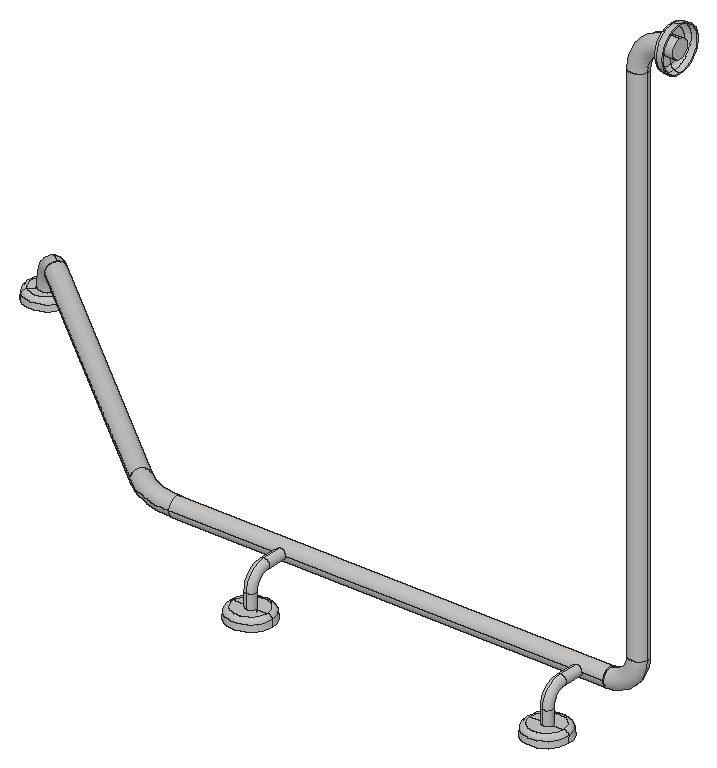
Revit family "8471977440 Virtu Comfort Grab Rail Continuous 1110x940x700mm RH", category Plumbing Fixtures, host Face, Revit 2015
Parameters (values of type "Virtu Comfort Grab Rail Continuous 1110x940x700mm RH")
  Waste Connection = no
  Vent Connection = no
  URL = "https://www.caroma.com.au/"
  Rail_Height = 73 mm
  Model = "8471977440"
  Material_Base = GWA_Metal-Stainless
  Manufacturer = "GWA Bathrooms & Kitchens"  # constant formula
  HW Connection = no
  Description = "Virtu Comfort Grab Rail Continuous 1110x940x700mm RH"
  Default Elevation = 0 mm
  CreatedBy_ANZRS = "GWA Bathrooms & Kitchens"  # constant formula
  CW Connection = no
  Assembly Code = "C1030200"
Reference planes
  plane 1 "Center (Front/Back)": y = 0
  plane 2: z = 0
  plane 3 "Center (Left/Right)": x = 0
  plane 4 "Left": x = 0
  plane 5 "Rail_Centre": z = 73
  plane 6 "Top": through (-644.056, 321.45, 1219.2) normal (-0.766, 0.6428, 0)
  plane 7: x = 245
  plane 8: x = 940
  plane 9: z = 1110
  plane 10: x = 769
Forms (mm)
  Revolve 1, solid, material "GWA_Metal-Stainless" <- "Material_Base"
    sketch origin (-536.231, 449.951, 0) x (0.642788, 0.766044, 0) y (0, 0, 1)
      loop
        line (17, 16.9) -> (29.753, 16.9)
        arc (29.753, 16.9) -> (34.704, 15) -> (37.112, 10.275) r 7.4
        line (37.112, 10.275) -> (38.194, 0) -> (39.3, 0) -> (38.206, 10.39)
        arc (38.206, 10.39) -> (35.44, 15.817) -> (29.753, 18) r 8.5
        line (29.753, 18) -> (17, 18) -> (17, 16.9)
      axis (0, 18) -> (0, 0)
    angle from 0 to 360
  Sweep 2, solid, material "GWA_Metal-Stainless" <- "Material_Base"
    path origin (612.836, -514.23, 0) x (0.766044, -0.642788, 0) y (0, 0, 1)
      loop
        line (-1500, 0) -> (-1500, 17)
        arc (-1500, 17) -> (-1483.598, 56.598) -> (-1444, 73) r 56
    profile origin (-536.231, 449.951, 8.5) x (-0.766044, 0.642788, 0) y (-0.642788, -0.766044, 0)
      loop
        circle (0, 0) r 16
  Revolve 3, solid, material "GWA_Metal-Stainless" <- "Material_Base"
    sketch origin (300, -80, 0) x (1, 0, 0) y (0, 0, 1)
      loop
        line (-55, 16.9) -> (-55, 18) -> (-84.753, 18)
        arc (-84.753, 18) -> (-90.44, 15.817) -> (-93.206, 10.39) r 8.5
        line (-93.206, 10.39) -> (-94.3, 0) -> (-93.194, 0) -> (-92.112, 10.275)
        arc (-92.112, 10.275) -> (-89.704, 15) -> (-84.753, 16.9) r 7.4
        line (-84.753, 16.9) -> (-55, 16.9)
      axis (-55, 18) -> (-55, 0)
    angle from 0 to 360
  Sweep 4, solid, material "GWA_Metal-Stainless" <- "Material_Base"
    path origin (245, 0, 0) x (0, 1, 0) y (0, 0, 1)
      loop
        line (-80, 0) -> (-80, 43)
        arc (-80, 43) -> (-71.213, 64.213) -> (-50, 73) r 30
        line (-50, 73) -> (0, 73)
    profile origin (245, -80, 21.5) x (0, -1, 0) y (1, 0, 0)
      loop
        circle (0, 0) r 9
  Revolve 5, solid, material "GWA_Metal-Stainless" <- "Material_Base"
    sketch origin (940, 0, 1050) x (0, 0, -1) y (1, 0, 0)
      loop
        line (-43, -16.9) -> (-43, -18) -> (-30.247, -18)
        arc (-30.247, -18) -> (-24.56, -15.817) -> (-21.794, -10.39) r 8.5
        line (-21.794, -10.39) -> (-20.7, 0) -> (-21.806, 0) -> (-22.888, -10.275)
        arc (-22.888, -10.275) -> (-25.296, -15) -> (-30.247, -16.9) r 7.4
        line (-30.247, -16.9) -> (-43, -16.9)
      axis (-60, -18) -> (-60, 0)
    angle from 0 to 360
  Sweep 6, solid, material "GWA_Metal-Stainless" <- "Material_Base"
    path origin (940, 0, 170) x (0, 0, -1) y (1, 0, 0)
      loop
        line (-940, 0) -> (-940, -17)
        arc (-940, -17) -> (-923.598, -56.598) -> (-884, -73) r 56
    profile origin (931.5, 0, 1110) x (0, 0, -1) y (0, -1, 0)
      loop
        circle (0, 0) r 16
  Sweep 7, solid, material "GWA_Metal-Stainless" <- "Material_Base"
    path origin (0, 0, 73) x (-1, 0, 0) y (0, -1, 0)
      loop
        line (-817, 0) -> (-49.864, 0)
        arc (-49.864, 0) -> (-3.007, -8.262) -> (38.198, -32.052) r 137
        line (38.198, -32.052) -> (493.333, -413.955)
    profile origin (-265.765, 223.004, 73) x (-0.642788, -0.766044, 0) y (0, 0, 1)
      loop
        circle (0, 0) r 16
  Sweep 8, solid, material "GWA_Metal-Stainless" <- "Material_Base"
    path origin (-73, 0, 0) x (1, 0, 0) y (0, 0, 1)
      loop
        arc (890, 73) -> (925.355, 87.645) -> (940, 123) r 50
    profile origin (852.355, 0, 87.645) x (-0.707107, 0, 0.707107) y (0, -1, 0)
      loop
        circle (0, 0) r 16
  Extrusion 9, solid, material "GWA_Metal-Stainless" <- "Material_Base"
    sketch origin (-73, 0, 0) x (1, 0, 0) y (0, 1, 0)
      loop
        circle (940, 0) r 16
    from 123 to 1054
  Revolve 10, solid, material "GWA_Metal-Stainless" <- "Material_Base"
    sketch origin (755, -80, 0) x (1, 0, 0) y (0, 0, 1)
      loop
        line (14, 16.9) -> (14, 18) -> (-15.753, 18)
        arc (-15.753, 18) -> (-21.44, 15.817) -> (-24.206, 10.39) r 8.5
        line (-24.206, 10.39) -> (-25.3, 0) -> (-24.194, 0) -> (-23.112, 10.275)
        arc (-23.112, 10.275) -> (-20.704, 15) -> (-15.753, 16.9) r 7.4
        line (-15.753, 16.9) -> (14, 16.9)
      axis (14, 18) -> (14, 0)
    angle from 0 to 360
  Sweep 11, solid, material "GWA_Metal-Stainless" <- "Material_Base"
    path origin (769, 0, 0) x (0, 1, 0) y (0, 0, 1)
      loop
        line (-80, 0) -> (-80, 43)
        arc (-80, 43) -> (-71.213, 64.213) -> (-50, 73) r 30
        line (-50, 73) -> (0, 73)
    profile origin (769, -80, 21.5) x (0, -1, 0) y (1, 0, 0)
      loop
        circle (0, 0) r 9
Lines and regions (mm)
  Masking region 1
    outline origin (0, 0, 0) x (0, 1, 0) y (0, 0, 1)
      loop
        line (16, 89) -> (16, 1074.104)
        arc (16, 1074.104) -> (0, 1149.3) -> (-16, 1074.104) r 39.3
        line (-16, 1074.104) -> (-16, 82) -> (-50, 82)
        arc (-50, 82) -> (-77.577, 70.577) -> (-89, 43) r 39
        line (-89, 43) -> (-89, 18) -> (-109.755, 18)
        arc (-109.755, 18) -> (-115.442, 15.817) -> (-118.208, 10.388) r 8.5
        line (-118.208, 10.388) -> (-119.3, 0) -> (-40.7, 0) -> (-41.792, 10.388)
        arc (-41.792, 10.388) -> (-44.558, 15.817) -> (-50.245, 18) r 8.5
        line (-50.245, 18) -> (-71, 18) -> (-71, 43)
        arc (-71, 43) -> (-64.849, 57.849) -> (-50, 64) r 21
        line (-50, 64) -> (-13.229, 64)
        arc (-13.229, 64) -> (-7.483, 58.858) -> (0, 57) r 16
        line (0, 57) -> (413.955, 57)
        arc (413.955, 57) -> (416.689, 56.461) -> (419.18, 55.212) r 10.348
        arc (419.18, 55.212) -> (422.237, 52.684) -> (424.785, 49.643) r 21.791
        arc (424.785, 49.643) -> (427.708, 44.83) -> (430.029, 39.7) r 46.537
        arc (430.029, 39.7) -> (431.356, 35.765) -> (432.376, 31.74) r 53.629
        arc (432.376, 31.74) -> (433.169, 27.367) -> (433.701, 22.956) r 74.565
        arc (433.701, 22.956) -> (433.872, 20.48) -> (433.94, 18) r 59.171
        line (433.94, 18) -> (420.197, 18)
        arc (420.197, 18) -> (414.509, 15.817) -> (411.743, 10.388) r 8.5
        line (411.743, 10.388) -> (410.651, 0) -> (489.251, 0) -> (488.159, 10.388)
        arc (488.159, 10.388) -> (485.394, 15.817) -> (479.706, 18) r 8.5
        line (479.706, 18) -> (465.943, 18)
        arc (465.943, 18) -> (465.446, 27.079) -> (464.152, 36.079) r 103.181
        arc (464.152, 36.079) -> (462.719, 42.395) -> (460.834, 48.592) r 89.675
        arc (460.834, 48.592) -> (457.524, 56.744) -> (453.35, 64.489) r 81.007
        arc (453.35, 64.489) -> (446.806, 73.222) -> (438.741, 80.574) r 57.957
        arc (438.741, 80.574) -> (427.022, 86.77) -> (413.955, 89) r 41.961
        line (413.955, 89) -> (16, 89)
  Masking region 2
    outline origin (0, 0, 73) x (-1, 0, 0) y (0, -1, 0)
      loop
        arc (498.449, -439.135) -> (566.337, -475.213) -> (519.018, -414.621) r 39.3
        line (519.018, -414.621) -> (48.483, -19.795)
        arc (48.483, -19.795) -> (2.465, 6.773) -> (-49.864, 16) r 153
        line (-49.864, 16) -> (-236, 16) -> (-236, 41.744)
        arc (-236, 41.744) -> (-245, 119.3) -> (-254, 41.744) r 39.3
        line (-254, 41.744) -> (-254, 16) -> (-760, 16) -> (-760, 41.744)
        arc (-760, 41.744) -> (-769, 119.3) -> (-778, 41.744) r 39.3
        line (-778, 41.744) -> (-778, 16) -> (-922, 16) -> (-922, 29.755)
        arc (-922, 29.755) -> (-924.183, 35.442) -> (-929.612, 38.208) r 8.5
        line (-929.612, 38.208) -> (-940, 39.3) -> (-940, -39.3) -> (-929.612, -38.208)
        arc (-929.612, -38.208) -> (-924.183, -35.442) -> (-922, -29.755) r 8.5
        line (-922, -29.755) -> (-922, -16) -> (-49.864, -16)
        arc (-49.864, -16) -> (-8.479, -23.297) -> (27.913, -44.309) r 121
        line (27.913, -44.309) -> (498.449, -439.135)
  Masking region 3
    outline origin (0, 0, 0) x (1, 0, 0) y (0, 0, -1)
      loop
        arc (-493.333, -57) -> (-497.931, -56.365) -> (-502.23, -54.616) r 18.669
        arc (-502.23, -54.616) -> (-506.43, -51.714) -> (-510.017, -48.082) r 27.332
        arc (-510.017, -48.082) -> (-513.189, -43.626) -> (-515.736, -38.787) r 40.818
        arc (-515.736, -38.787) -> (-517.771, -33.399) -> (-519.189, -27.817) r 51.21
        arc (-519.189, -27.817) -> (-519.922, -22.931) -> (-520.231, -18) r 57.078
        line (-520.231, -18) -> (-506.476, -18)
        arc (-506.476, -18) -> (-500.789, -15.817) -> (-498.023, -10.388) r 8.5
        line (-498.023, -10.388) -> (-496.931, 0) -> (-575.531, 0) -> (-574.439, -10.388)
        arc (-574.439, -10.388) -> (-571.673, -15.817) -> (-565.986, -18) r 8.5
        line (-565.986, -18) -> (-552.231, -18)
        arc (-552.231, -18) -> (-552.025, -22.951) -> (-551.562, -27.885) r 95.84
        arc (-551.562, -27.885) -> (-550.202, -35.897) -> (-548.066, -43.737) r 83.133
        arc (-548.066, -43.737) -> (-544.671, -52.414) -> (-540.291, -60.638) r 80.139
        arc (-540.291, -60.638) -> (-533.327, -70.023) -> (-524.78, -77.995) r 64.381
        arc (-524.78, -77.995) -> (-517.271, -82.87) -> (-509.054, -86.422) r 53.411
        arc (-509.054, -86.422) -> (-501.401, -88.33) -> (-493.542, -89) r 49.532
        line (-493.542, -89) -> (817, -89)
        arc (817, -89) -> (841.042, -98.958) -> (851, -123) r 34
        line (851, -123) -> (851, -1054)
        arc (851, -1054) -> (871.736, -1104.557) -> (922, -1125.993) r 72
        line (922, -1125.993) -> (922, -1139.755)
        arc (922, -1139.755) -> (924.183, -1145.442) -> (929.612, -1148.208) r 8.5
        line (929.612, -1148.208) -> (940, -1149.3) -> (940, -1070.7) -> (929.612, -1071.792)
        arc (929.612, -1071.792) -> (924.183, -1074.558) -> (922, -1080.245) r 8.5
        line (922, -1080.245) -> (922, -1093.987)
        arc (922, -1093.987) -> (894.364, -1081.928) -> (883, -1054) r 40
        line (883, -1054) -> (883, -123)
        arc (883, -123) -> (863.669, -76.331) -> (817, -57) r 66
        line (817, -57) -> (778, -57) -> (778, -18) -> (798.755, -18)
        arc (798.755, -18) -> (804.442, -15.817) -> (807.208, -10.388) r 8.5
        line (807.208, -10.388) -> (808.3, 0) -> (729.7, 0) -> (730.792, -10.388)
        arc (730.792, -10.388) -> (733.558, -15.817) -> (739.245, -18) r 8.5
        line (739.245, -18) -> (760, -18) -> (760, -57) -> (254, -57) -> (254, -18) -> (274.755, -18)
        arc (274.755, -18) -> (280.442, -15.817) -> (283.208, -10.388) r 8.5
        line (283.208, -10.388) -> (284.3, 0) -> (205.7, 0) -> (206.792, -10.388)
        arc (206.792, -10.388) -> (209.558, -15.817) -> (215.245, -18) r 8.5
        line (215.245, -18) -> (236, -18) -> (236, -57) -> (-493.333, -57)
  symbolic lines
    curve 1: arc (-549.254, 460.879, 40) -> (-534.759, 466.887, 40) -> (-521.518, 458.467, 40) r 17
    curve 2: arc (-542.063, 433.983, 40) -> (-552.654, 445.56, 40) -> (-549.254, 460.879, 40) r 17
    curve 3: arc (-546.516, 437.695, 40) -> (-548.488, 460.236, 40) -> (-525.947, 462.208, 40) r 16
    curve 4: arc (-521.518, 458.467, 40) -> (-549.254, 460.879, 40) -> (-542.063, 433.983, 40) r 17
    curve 5: line (-525.947, 462.208, 40) -> (-498.449, 439.135, 40)
    curve 6: line (-546.516, 437.695, 40) -> (-519.018, 414.621, 40)
    curve 7: line (-546.516, 437.695, 73) -> (-519.018, 414.621, 73)
    curve 8: line (-525.947, 462.208, 73) -> (-498.449, 439.135, 73)
    curve 9: line (0, -71, 18) -> (0, -89, 18)
    curve 10: line (0, 35.896, 89) -> (0, 0, 89)
    curve 11: arc (0, 0, 89) -> (0, -16, 73) -> (0, 0, 57) r 16
    curve 12: line (0, 0, 57) -> (0, 35.896, 57)
    curve 13: line (0, -38.256, 82) -> (0, -13.229, 82)
    curve 14: line (0, -38.256, 64) -> (0, -13.229, 64)
    curve 15: line (236, -41.744, 73) -> (236, -80, 73)
    curve 16: arc (236, -80, 73) -> (245, -89, 73) -> (254, -80, 73) r 9
    curve 17: line (254, -80, 73) -> (254, -41.744, 73)
    curve 18: line (236, -16, 73) -> (254, -16, 73)
    curve 19: line (831.104, 16, 73) -> (867, 16, 73)
    curve 20: line (831.104, -16, 73) -> (867, -16, 73)
    curve 21: line (228.987, 0, 18) -> (260.993, 0, 18)
    curve 22: line (254, 0, 57) -> (236, 0, 57)
    curve 23: line (-520.231, 0, 18) -> (-552.231, 0, 18)
    curve 24: line (0, 465.943, 18) -> (0, 433.94, 18)
    curve 25: line (760, -41.744, 73) -> (760, -80, 73)
    curve 26: arc (760, -80, 73) -> (769, -89, 73) -> (778, -80, 73) r 9
    curve 27: line (778, -80, 73) -> (778, -41.744, 73)
    curve 28: line (760, -16, 73) -> (778, -16, 73)
    curve 29: arc (867, -16, 0) -> (851, 0, 0) -> (867, 16, 0) r 16
    curve 30: line (922, 16, 0) -> (922, -16, 0)
    curve 31: arc (0, 16, 1104.255) -> (0, 0, 1127) -> (0, -16, 1104.255) r 17
    curve 32: arc (0, 16, 1110) -> (0, 0, 1126) -> (0, -16, 1110) r 16
    curve 33: line (0, -16, 1110) -> (0, -16, 1074.104)
    curve 34: line (0, 16, 1110) -> (0, 16, 1074.104)
    curve 35: line (922, 0, 1125.993) -> (922, 0, 1093.987)
    curve 36: line (778, 0, 18) -> (760, 0, 18)
    curve 37: line (778, 0, 57) -> (760, 0, 57)
Dimensions and locks
  "Rail_Height": plane 5 "Rail_Centre" to host face
  aligned and locked: plane 2 to host face
  aligned and locked: level to host face
Automatic sketch dimensions
  host sketch curve to host sketch curve = 2438.4 mm  (x2)
  curve 1 to curve 2 = 0 mm  (x2)
  curve 1 to curve 3 = 0 mm  (x2)
  curve 1 to curve 4 = 0 mm
  curve 5 to plane 6 "Top" = 0 mm
  curve 3 to plane 6 "Top" = 0 mm
  curve 6 to plane 6 "Top" = 0 mm
  curve 5 to plane 1 "Center (Front/Back)" = 462.208 mm
  curve 5 to curve 3 = 10.285 mm
  curve 5 to curve 5 = 27.498 mm
  curve 5 to curve 6 = 20.569 mm
  curve 4 to curve 5 = 4.429 mm
  curve 2 to curve 6 = 4.453 mm
  curve 1 to curve 1 = 13.023 mm
  curve 1 to curve 1 = 10.927 mm
  curve 4 to curve 5 = 19.332 mm
  curve 2 to curve 6 = 19.361 mm
  Revolve 1 sketch curve to Revolve 1 sketch curve = 0 mm  (x2)
  Revolve 1 sketch curve to level = 0 mm
  level to Revolve 1 sketch curve = 18 mm
  Revolve 1 sketch curve to Revolve 1 sketch curve = 12.753 mm
  level to Revolve 1 sketch curve = 10.275 mm
  Revolve 1 sketch curve to Revolve 1 sketch curve = 7.359 mm
  Revolve 1 sketch curve to Revolve 1 sketch curve = 1.082 mm
  level to Revolve 1 sketch curve = 10.39 mm
  Revolve 1 sketch curve to Revolve 1 sketch curve = 1.094 mm
  Revolve 1 sketch curve to Revolve 1 sketch curve = 1.106 mm
  level to Revolve 1 sketch curve = 7.862 mm
  Revolve 1 sketch curve to Revolve 1 sketch curve = 17 mm
  Revolve 1 sketch curve to Revolve 1 sketch curve = 12.173 mm
  Sweep 2 sketch curve to plane 6 "Top" = 0 mm
  Sweep 2 sketch curve to plane 5 "Rail_Centre" = 0 mm
  Sweep 2 sketch curve to level = 0 mm
  level to Sweep 2 sketch curve = 17 mm
  profile plane to Sweep 2 sketch curve = 0 mm  (x2)
  curve 26 to plane 10 = 0 mm
  curve 16 to plane 7 = 0 mm
  curve 8 to plane 6 "Top" = 0 mm
  curve 7 to plane 6 "Top" = 0 mm
  plane 10 to curve 27 = 9 mm
  plane 7 to curve 17 = 9 mm
  plane 1 "Center (Front/Back)" to curve 17 = 80 mm
  plane 1 "Center (Front/Back)" to curve 26 = 80 mm
  plane 10 to curve 28 = 9 mm
  curve 19 to plane 1 "Center (Front/Back)" = 16 mm
  curve 19 to plane 8 = 108.896 mm
  plane 1 "Center (Front/Back)" to curve 20 = 16 mm
  curve 20 to curve 19 = 0 mm
  curve 20 to curve 20 = 35.896 mm
  curve 19 to curve 20 = 0 mm
  curve 28 to plane 10 = 9 mm
  plane 7 to curve 18 = 9 mm
  curve 18 to plane 7 = 9 mm
  curve 8 to plane 3 "Center (Left/Right)" = 498.449 mm
  curve 8 to curve 7 = 20.569 mm
  curve 8 to plane 1 "Center (Front/Back)" = 462.208 mm
  curve 7 to plane 1 "Center (Front/Back)" = 437.695 mm
  curve 25 to curve 25 = 38.256 mm
  curve 15 to curve 15 = 38.256 mm
  curve 25 to curve 27 = 0 mm
  curve 15 to curve 17 = 0 mm
  plane 1 "Center (Front/Back)" to curve 18 = 16 mm
  plane 1 "Center (Front/Back)" to curve 28 = 16 mm
  curve 7 to curve 7 = 23.073 mm
  curve 8 to curve 7 = 24.513 mm
  Revolve 3 sketch curve to Revolve 3 sketch curve = 0 mm  (x2)
  Revolve 3 sketch curve to level = 0 mm
  Revolve 3 sketch curve to plane 7 = 0 mm  (x2)
  level to Revolve 3 sketch curve = 9.5 mm
  Revolve 3 sketch curve to plane 7 = 29.753 mm
  level to Revolve 3 sketch curve = 10.275 mm
  Revolve 3 sketch curve to Revolve 3 sketch curve = 7.359 mm
  Revolve 3 sketch curve to Revolve 3 sketch curve = 1.082 mm
  level to Revolve 3 sketch curve = 10.39 mm
  Revolve 3 sketch curve to Revolve 3 sketch curve = 1.094 mm
  Revolve 3 sketch curve to Revolve 3 sketch curve = 1.106 mm
  level to Revolve 3 sketch curve = 7.862 mm
  Revolve 3 sketch curve to Revolve 3 sketch curve = 2.036 mm
  Sweep 4 sketch curve to level = 0 mm
  Sweep 4 sketch curve to plane 5 "Rail_Centre" = 0 mm
  Sweep 4 sketch curve to plane 1 "Center (Front/Back)" = 0 mm
  Sweep 4 sketch curve to Sweep 4 sketch curve = 50 mm
  Sweep 4 sketch curve to Sweep 4 sketch curve = 30 mm
  Sweep 4 sketch curve to plane 7 = 0 mm
  Sweep 4 sketch curve to profile plane = 0 mm
  Revolve 5 sketch curve to Revolve 5 sketch curve = 0 mm  (x2)
  Revolve 5 sketch curve to plane 9 = 0 mm
  Revolve 5 sketch curve to plane 8 = 0 mm
  Revolve 5 sketch curve to plane 9 = 17 mm
  Revolve 5 sketch curve to Revolve 5 sketch curve = 12.753 mm
  Revolve 5 sketch curve to plane 8 = 10.275 mm
  Revolve 5 sketch curve to Revolve 5 sketch curve = 7.359 mm
  Revolve 5 sketch curve to Revolve 5 sketch curve = 1.082 mm
  Revolve 5 sketch curve to plane 8 = 10.39 mm
  Revolve 5 sketch curve to Revolve 5 sketch curve = 1.094 mm
  Revolve 5 sketch curve to Revolve 5 sketch curve = 1.106 mm
  Revolve 5 sketch curve to plane 8 = 16.9 mm
  Revolve 5 sketch curve to Revolve 5 sketch curve = 2.036 mm
  Revolve 5 sketch curve to plane 8 = 7.862 mm
  Sweep 6 sketch curve to plane 9 = 0 mm
  Sweep 6 sketch curve to plane 8 = 0 mm
  Sweep 6 sketch curve to plane 8 = 17 mm
  Sweep 6 sketch curve to plane 9 = 56 mm
  Sweep 6 sketch curve to profile plane = 0 mm  (x2)
  plane 5 "Rail_Centre" to Sweep 7 sketch curve = 0 mm
  Sweep 7 sketch curve to profile plane = 0 mm
  plane 1 "Center (Front/Back)" to Sweep 8 sketch curve = 0 mm
  Sweep 8 sketch curve to profile plane = 0 mm
  plane 1 "Center (Front/Back)" to Extrusion 9 sketch curve = 0 mm
  Extrusion 9 sketch curve to plane 8 = 73 mm
  Revolve 10 sketch curve to Revolve 10 sketch curve = 0 mm  (x2)
  Revolve 10 sketch curve to level = 0 mm
  Revolve 10 sketch curve to plane 10 = 0 mm  (x2)
  level to Revolve 10 sketch curve = 9.5 mm
  Revolve 10 sketch curve to plane 10 = 29.753 mm
  level to Revolve 10 sketch curve = 10.275 mm
  Revolve 10 sketch curve to Revolve 10 sketch curve = 7.359 mm
  Revolve 10 sketch curve to Revolve 10 sketch curve = 1.082 mm
  level to Revolve 10 sketch curve = 10.39 mm
  Revolve 10 sketch curve to Revolve 10 sketch curve = 1.094 mm
  Revolve 10 sketch curve to Revolve 10 sketch curve = 1.106 mm
  level to Revolve 10 sketch curve = 7.862 mm
  Revolve 10 sketch curve to Revolve 10 sketch curve = 2.036 mm
  Sweep 11 sketch curve to level = 0 mm
  Sweep 11 sketch curve to plane 5 "Rail_Centre" = 0 mm
  Sweep 11 sketch curve to plane 1 "Center (Front/Back)" = 0 mm
  Sweep 11 sketch curve to Sweep 11 sketch curve = 50 mm
  Sweep 11 sketch curve to plane 5 "Rail_Centre" = 30 mm
  Sweep 11 sketch curve to plane 10 = 0 mm
  Sweep 11 sketch curve to profile plane = 0 mm
  plane 1 "Center (Front/Back)" to Sweep 7 sketch curve = 0 mm
  plane 3 "Center (Left/Right)" to Sweep 7 sketch curve = 49.864 mm
  Sweep 7 sketch curve to plane 1 "Center (Front/Back)" = 32.052 mm
  Sweep 7 sketch curve to plane 3 "Center (Left/Right)" = 38.198 mm
  plane 10 to Sweep 7 sketch curve = 48 mm
  Sweep 7 sketch curve to plane 3 "Center (Left/Right)" = 493.333 mm
  Sweep 7 sketch curve to plane 1 "Center (Front/Back)" = 413.955 mm
  Masking region 2 sketch curve to Masking region 2 sketch curve = 0 mm  (x2)
  Masking region 2 sketch curve to plane 8 = 0 mm
  Masking region 2 sketch curve to plane 10 = 0 mm
  Masking region 2 sketch curve to plane 7 = 0 mm
  Masking region 2 sketch curve to plane 6 "Top" = 0 mm
  Masking region 2 sketch curve to plane 8 = 9.5 mm  (x2)
  Masking region 2 sketch curve to Masking region 2 sketch curve = 0.888 mm  (x2)
  Masking region 2 sketch curve to Masking region 2 sketch curve = 8.5 mm  (x2)
  plane 10 to Masking region 2 sketch curve = 9 mm
  Masking region 2 sketch curve to plane 10 = 9 mm
  plane 7 to Masking region 2 sketch curve = 9 mm
  Masking region 2 sketch curve to plane 7 = 9 mm
  plane 3 "Center (Left/Right)" to Masking region 2 sketch curve = 49.864 mm
  Masking region 2 sketch curve to plane 3 "Center (Left/Right)" = 27.913 mm
  Masking region 2 sketch curve to plane 1 "Center (Front/Back)" = 19.795 mm
  Masking region 2 sketch curve to Masking region 2 sketch curve = 20.569 mm  (x2)
  Masking region 2 sketch curve to plane 3 "Center (Left/Right)" = 498.449 mm
  Masking region 2 sketch curve to Masking region 2 sketch curve = 37.782 mm
  Masking region 2 sketch curve to Masking region 2 sketch curve = 10.816 mm
  Masking region 2 sketch curve to Masking region 2 sketch curve = 24.513 mm
  Masking region 2 sketch curve to plane 1 "Center (Front/Back)" = 39.3 mm
  Masking region 2 sketch curve to Masking region 2 sketch curve = 1.092 mm
  plane 1 "Center (Front/Back)" to Masking region 2 sketch curve = 16 mm  (x2)
  Masking region 2 sketch curve to Masking region 2 sketch curve = 9.545 mm
  Masking region 2 sketch curve to Masking region 2 sketch curve = 25.744 mm  (x2)
  Masking region 2 sketch curve to Masking region 2 sketch curve = 38.256 mm  (x2)
  Masking region 2 sketch curve to Masking region 2 sketch curve = 13.755 mm  (x2)
  plane 1 "Center (Front/Back)" to curve 29 = 0 mm
  curve 29 to plane 8 = 73 mm
  curve 30 to plane 8 = 18 mm
  plane 1 "Center (Front/Back)" to curve 30 = 16 mm
  plane 1 "Center (Front/Back)" to curve 29 = 16 mm
  curve 30 to plane 1 "Center (Front/Back)" = 16 mm
  Masking region 1 sketch curve to Masking region 1 sketch curve = 0 mm  (x9)
  Masking region 1 sketch curve to level = 0 mm  (x2)
  Masking region 1 sketch curve to plane 1 "Center (Front/Back)" = 0 mm  (x2)
  Masking region 1 sketch curve to plane 5 "Rail_Centre" = 0 mm
  Masking region 1 sketch curve to plane 9 = 0 mm
  plane 1 "Center (Front/Back)" to Masking region 1 sketch curve = 13.229 mm
  plane 1 "Center (Front/Back)" to Masking region 1 sketch curve = 40.7 mm
  level to Masking region 1 sketch curve = 10.388 mm  (x4)
  Masking region 1 sketch curve to Masking region 1 sketch curve = 1.092 mm  (x4)
  Masking region 1 sketch curve to Masking region 1 sketch curve = 8.208 mm
  Masking region 1 sketch curve to Masking region 1 sketch curve = 8.453 mm  (x4)
  Masking region 1 sketch curve to Masking region 1 sketch curve = 20.755 mm  (x2)
  Masking region 1 sketch curve to Masking region 1 sketch curve = 18 mm
  Masking region 1 sketch curve to plane 1 "Center (Front/Back)" = 16 mm
  level to Masking region 1 sketch curve = 16.247 mm
  Masking region 1 sketch curve to Masking region 1 sketch curve = 343.438 mm
  Masking region 1 sketch curve to Masking region 1 sketch curve = 3.33 mm
  Masking region 1 sketch curve to Masking region 1 sketch curve = 12.002 mm
  Masking region 1 sketch curve to Masking region 1 sketch curve = 1.268 mm
  Masking region 1 sketch curve to Masking region 1 sketch curve = 3.878 mm
  Masking region 1 sketch curve to Masking region 1 sketch curve = 4.318 mm
  Masking region 1 sketch curve to Masking region 1 sketch curve = 2.309 mm
  Masking region 1 sketch curve to Masking region 1 sketch curve = 17.357 mm
  Masking region 1 sketch curve to Masking region 1 sketch curve = 2.977 mm
  Masking region 1 sketch curve to Masking region 1 sketch curve = 24.107 mm
  Masking region 1 sketch curve to Masking region 1 sketch curve = 6.46 mm
  Masking region 1 sketch curve to Masking region 1 sketch curve = 0.178 mm
  plane 5 "Rail_Centre" to Masking region 1 sketch curve = 16 mm
  Masking region 1 sketch curve to Masking region 1 sketch curve = 0.438 mm  (x2)
  Masking region 1 sketch curve to Masking region 1 sketch curve = 13.743 mm
  Masking region 1 sketch curve to Masking region 1 sketch curve = 32.004 mm
  Masking region 1 sketch curve to Masking region 1 sketch curve = 13.763 mm
  Masking region 1 sketch curve to Masking region 1 sketch curve = 0.888 mm  (x5)
  Masking region 1 sketch curve to Masking region 1 sketch curve = 0.658 mm
  Masking region 1 sketch curve to Masking region 1 sketch curve = 0.727 mm
  Masking region 1 sketch curve to Masking region 1 sketch curve = 1.783 mm
  Masking region 1 sketch curve to Masking region 1 sketch curve = 1.182 mm
  Masking region 1 sketch curve to Masking region 1 sketch curve = 1.638 mm
  Masking region 1 sketch curve to Masking region 1 sketch curve = 11.135 mm
  Masking region 1 sketch curve to Masking region 1 sketch curve = 2.966 mm
  Masking region 1 sketch curve to Masking region 1 sketch curve = 25 mm
  Masking region 1 sketch curve to Masking region 1 sketch curve = 10.329 mm
  Masking region 1 sketch curve to Masking region 1 sketch curve = 0.371 mm
  plane 1 "Center (Front/Back)" to Masking region 1 sketch curve = 16 mm
  Masking region 1 sketch curve to plane 9 = 35.896 mm
  curve 31 to curve 32 = 0 mm  (x2)
  curve 32 to plane 9 = 0 mm
  curve 11 to plane 1 "Center (Front/Back)" = 0 mm
  curve 31 to plane 1 "Center (Front/Back)" = 0 mm
  curve 11 to plane 5 "Rail_Centre" = 0 mm
  curve 33 to curve 31 = 16 mm
  curve 12 to plane 5 "Rail_Centre" = 16 mm
  curve 14 to plane 5 "Rail_Centre" = 9 mm
  plane 5 "Rail_Centre" to curve 13 = 9 mm
  curve 14 to curve 14 = 25.027 mm
  curve 13 to curve 14 = 0 mm
  level to curve 9 = 18 mm
  curve 9 to curve 14 = 32.744 mm
  curve 9 to curve 9 = 18 mm
  curve 11 to curve 10 = 35.896 mm
  curve 12 to curve 10 = 0 mm
  level to curve 24 = 18 mm
  curve 12 to curve 24 = 398.044 mm
  curve 24 to curve 24 = 32.004 mm
  curve 33 to plane 9 = 35.896 mm
  curve 33 to curve 34 = 0 mm
  curve 31 to plane 9 = 5.745 mm
  Masking region 3 sketch curve to Masking region 3 sketch curve = 0 mm  (x13)
  Masking region 3 sketch curve to level = 0 mm  (x3)
  Masking region 3 sketch curve to plane 8 = 0 mm
  Masking region 3 sketch curve to plane 8 = 9.5 mm  (x2)
  Masking region 3 sketch curve to Masking region 3 sketch curve = 0.888 mm  (x2)
  Masking region 3 sketch curve to plane 8 = 17 mm
  Masking region 3 sketch curve to Masking region 3 sketch curve = 8.5 mm  (x2)
  Masking region 3 sketch curve to plane 8 = 57 mm
  Masking region 3 sketch curve to Masking region 3 sketch curve = 32 mm  (x2)
  Masking region 3 sketch curve to Masking region 3 sketch curve = 34 mm
  plane 10 to Masking region 3 sketch curve = 39.3 mm
  level to Masking region 3 sketch curve = 10.388 mm  (x6)
  Masking region 3 sketch curve to Masking region 3 sketch curve = 1.092 mm  (x8)
  Masking region 3 sketch curve to Masking region 3 sketch curve = 8.453 mm  (x6)
  plane 10 to Masking region 3 sketch curve = 9 mm
  Masking region 3 sketch curve to plane 10 = 9 mm
  level to Masking region 3 sketch curve = 9.5 mm
  Masking region 3 sketch curve to Masking region 3 sketch curve = 20.755 mm  (x2)
  plane 7 to Masking region 3 sketch curve = 39.3 mm
  plane 7 to Masking region 3 sketch curve = 9 mm
  Masking region 3 sketch curve to plane 7 = 9 mm
  level to Masking region 3 sketch curve = 16.481 mm
  Masking region 3 sketch curve to plane 3 "Center (Left/Right)" = 456.403 mm
  Masking region 3 sketch curve to Masking region 3 sketch curve = 6.76 mm
  Masking region 3 sketch curve to Masking region 3 sketch curve = 5.76 mm
  Masking region 3 sketch curve to Masking region 3 sketch curve = 0.096 mm
  Masking region 3 sketch curve to Masking region 3 sketch curve = 2.847 mm
  Masking region 3 sketch curve to Masking region 3 sketch curve = 6.556 mm
  Masking region 3 sketch curve to Masking region 3 sketch curve = 6.898 mm
  Masking region 3 sketch curve to Masking region 3 sketch curve = 3.541 mm
  Masking region 3 sketch curve to Masking region 3 sketch curve = 3.183 mm
  Masking region 3 sketch curve to Masking region 3 sketch curve = 1.054 mm
  Masking region 3 sketch curve to Masking region 3 sketch curve = 0.181 mm
  Masking region 3 sketch curve to Masking region 3 sketch curve = 0.053 mm
  plane 5 "Rail_Centre" to Masking region 3 sketch curve = 16 mm
  Masking region 3 sketch curve to Masking region 3 sketch curve = 0.21 mm
  Masking region 3 sketch curve to Masking region 3 sketch curve = 18.508 mm
  Masking region 3 sketch curve to Masking region 3 sketch curve = 13.755 mm  (x2)
  Masking region 3 sketch curve to Masking region 3 sketch curve = 26.245 mm
  Masking region 3 sketch curve to plane 5 "Rail_Centre" = 16 mm  (x2)
  Masking region 3 sketch curve to Masking region 3 sketch curve = 17.532 mm
  Masking region 3 sketch curve to Masking region 3 sketch curve = 1.136 mm
  Masking region 3 sketch curve to Masking region 3 sketch curve = 2.541 mm
  Masking region 3 sketch curve to Masking region 3 sketch curve = 5.015 mm
  Masking region 3 sketch curve to Masking region 3 sketch curve = 3.653 mm
  Masking region 3 sketch curve to Masking region 3 sketch curve = 4.885 mm
  Masking region 3 sketch curve to Masking region 3 sketch curve = 3.317 mm
  Masking region 3 sketch curve to Masking region 3 sketch curve = 0.896 mm
  level to Masking region 3 sketch curve = 18 mm
  Masking region 3 sketch curve to Masking region 3 sketch curve = 7.612 mm  (x3)
  Masking region 3 sketch curve to Masking region 3 sketch curve = 0.032 mm
  Masking region 3 sketch curve to Masking region 3 sketch curve = 1.122 mm
  Masking region 3 sketch curve to Masking region 3 sketch curve = 13.762 mm
  Masking region 3 sketch curve to plane 9 = 56 mm
  level to curve 23 = 18 mm
  curve 23 to plane 3 "Center (Left/Right)" = 552.231 mm
  curve 23 to curve 23 = 32 mm
  curve 21 to plane 7 = 16.013 mm
  curve 22 to plane 7 = 9 mm
  plane 7 to curve 22 = 9 mm
  plane 7 to curve 21 = 15.993 mm
  curve 37 to plane 10 = 9 mm
  curve 36 to plane 10 = 9 mm
  plane 10 to curve 37 = 9 mm
  plane 10 to curve 36 = 9 mm
  curve 35 to plane 8 = 18 mm
  level to curve 36 = 18 mm
  level to curve 21 = 18 mm
  curve 37 to plane 5 "Rail_Centre" = 16 mm
  curve 22 to plane 5 "Rail_Centre" = 16 mm
  curve 35 to plane 9 = 16.013 mm
  plane 9 to curve 35 = 15.993 mm
  radius of Sweep 2 sketch curve = 16 mm
  radius of Sweep 4 sketch curve = 9 mm
  radius of Sweep 6 sketch curve = 16 mm
  radius of Sweep 7 sketch curve = 16 mm
  radius of Sweep 8 sketch curve = 16 mm
  radius of Extrusion 9 sketch curve = 16 mm
  radius of Sweep 11 sketch curve = 9 mm
